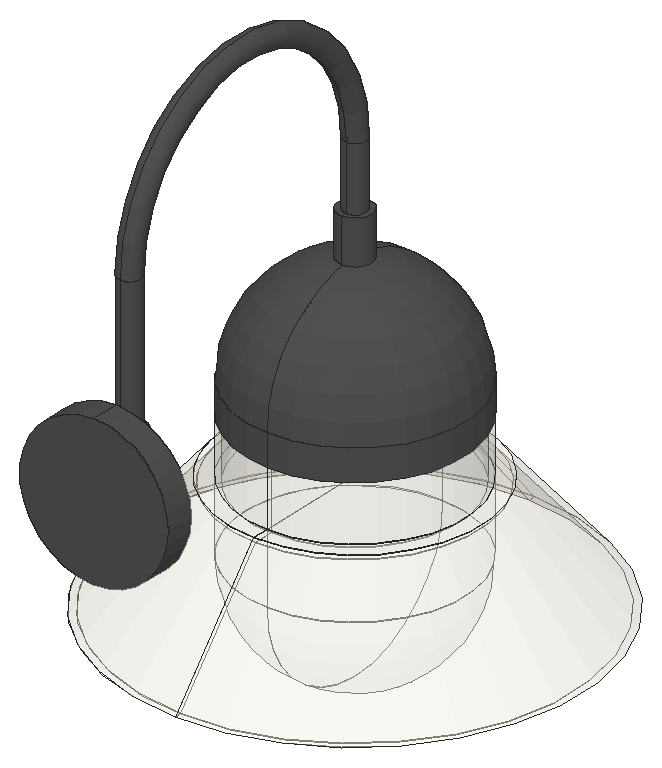
Revit family "M_Luminária de parede - Arandela", category Luminárias, Revit 2019
Family settings
  Hospedeiro = Parede
  Cota do conector redondo = Utilizar diâmetro
  Tipo de parte = Normal
  Número OmniClass = 23.80.70.11.11
  Título OmniClass = General Luminaries, Non Directional
  ID de item do Seek = Wall Lamp - Bracket-0000-CAN-ENU
  Sempre na vertical = Sim
  Corte com vazios quando carregada = Não
  Fonte luminosa = Sim
  Compartilhado = Não
  Ponto de cálculo do ambiente = Não
Parameters (values of type "150W - 277V")
  Wattage = 150 W
  built-in parameter 1150110 = 1 (stored number, unit not read)
  built-in parameter 1114217 = 1 (stored number, unit not read)
  built-in parameter 1150109 = 1 (stored number, unit not read)
  built-in parameter 1150134 = 4
  built-in parameter 1150113 = 1 (stored number, unit not read)
  built-in parameter 1150115 = 1 (stored number, unit not read)
  built-in parameter 1150105 = 221.19 (stored number, unit not read)
  Classificação de carga = Iluminação - Unidade de interrupção
  Light Source Symbol Size = 609.6 mm
  built-in parameter 1150137 = 1
  built-in parameter 1150139 = (empty or 0)
  built-in parameter 1150112 = 1 (stored number, unit not read)
  built-in parameter 1150114 = 1 (stored number, unit not read)
  Lâmpada = "A-21"
  built-in parameter 1150132 = (empty or 0)
  built-in parameter 1150102 = (empty or 0)
  built-in parameter 1150138 = (empty or 0)
  built-in parameter 1150107 = 2800 (stored number, unit not read)
  built-in parameter 1150106 = 2.2119 (stored number, unit not read)
  built-in parameter 1150104 = 1.7215 (stored number, unit not read)
  Dimming Lamp Color Temperature Shift = (empty or 0)
  Color Filter = 16777215
  built-in parameter 1140040 [instance] = 1
  Voltagem do transformador = 277 V
  Transformador por número de postes = 1
  built-in parameter 1114218 = 1 (stored number, unit not read)
  built-in parameter 1150133 = 10 (stored number, unit not read)
  Código de montagem = "D5020220"
  Material do bulbo = Vidro, Branco, Alta Luminosidade
  Lumens = 2779.5 lm
  Material de sombra = Vidro, Jateado
  Material montado na parede = Aço, Cromo polido
  Wattage Comments = ""
  Carga aparente = 150 VA
Types (4, lengths in mm): name | Wattage | built-in parameter 1150105 | Lâmpada | built-in parameter 1150106 | built-in parameter 1150104 | Voltagem do transformador | Lumens | Carga aparente
  100W - 120V | 100 W | 134.49 (stored number, unit not read) | "A-19" | 1.3449 (stored number, unit not read) | 1.5701 (stored number, unit not read) | 120 V | 1690 lm | 100 VA
  100W - 277V | 100 W | 134.49 (stored number, unit not read) | "A-19" | 1.3449 (stored number, unit not read) | 1.5701 (stored number, unit not read) | 277 V | 1690 lm | 100 VA
  150W - 120V | 150 W | 221.19 (stored number, unit not read) | "A-21" | 2.2119 (stored number, unit not read) | 1.7215 (stored number, unit not read) | 120 V | 2779.5 lm | 150 VA
  150W - 277V | 150 W | 221.19 (stored number, unit not read) | "A-21" | 2.2119 (stored number, unit not read) | 1.7215 (stored number, unit not read) | 277 V | 2779.5 lm | 150 VA
Reference planes
  plane 1: y = 0
  plane 2 "Eixo de origem da luz": y = 265.112
  plane 3 "Eixo de origem da luz": x = -36.356
  plane 4 "Elevação da origem da luz": z = 2133.6
  plane 5: y = 395.288
  plane 6: y = 134.938
  plane 7: z = 2501.9
  plane 8: y = 76.2
  plane 9: z = 2317.75
  plane 10: z = 2246.69
  plane 11: y = 101.64
  plane 12: z = 2169.524
  plane 13: z = 2197.1
  plane 14: z = 2234.395
  plane 15: z = 2237.57
  plane 16: z = 2269.827
  plane 17: z = 2351.551
  plane 18: z = 2376.625
  plane 19: z = 2413.764
  plane 20: y = 92.439
  plane 21: y = 101.64
  plane 22: z = 2307.108
Forms (mm)
  Sweep 1, solid, material "Aço, Cromo polido" <- "Material montado na parede"
    path origin (-36.356, 0, 0) x (0, -1, 0) y (0, 0, 1)
      loop
        line (-101.64, 2317.75) -> (-101.64, 2413.764)
        arc (-101.64, 2413.764) -> (-183.376, 2495.501) -> (-265.112, 2413.764) r 81.736
        line (-265.112, 2413.764) -> (-265.112, 2376.625)
    profile origin (-36.356, 183.376, 0) x (0, 0, -1) y (-1, 0, 0)
      loop
        circle (-2495.501, 0) r 6.35
  Revolve 2, solid, material "Aço, Cromo polido" <- "Material montado na parede"
    sketch origin (-36.356, 0, 0) x (0, -1, 0) y (0, 0, 1)
      loop
        line (-101.64, 2334.625) -> (-101.64, 2297.908)
        arc (-101.64, 2297.908) -> (-95.134, 2300.602) -> (-92.439, 2307.108) r 9.2
        line (-92.439, 2307.108) -> (-92.439, 2334.625) -> (-101.64, 2334.625)
      axis (-101.64, 2334.625) -> (-101.64, 2297.908)
    angle from 0 to 360
  Revolve 3, solid, material "Aço, Cromo polido" <- "Material montado na parede"
    sketch origin (-36.356, 0, 0) x (0, -1, 0) y (0, 0, 1)
      loop
        line (-255.587, 2376.625) -> (-265.112, 2376.625) -> (-265.112, 2351.551) -> (-255.587, 2351.551) -> (-255.587, 2376.625)
      axis (-265.112, 2351.551) -> (-265.112, 2376.625)
    angle from 0 to 360
  Revolve 4, solid, material "Aço, Cromo polido" <- "Material montado na parede"
    sketch origin (-36.356, 0, 0) x (0, -1, 0) y (0, 0, 1)
      loop
        arc (-201.612, 2287.782) -> (-220.211, 2332.683) -> (-265.112, 2351.282) r 63.5
        line (-265.112, 2351.282) -> (-265.112, 2269.827) -> (-201.612, 2269.827) -> (-201.612, 2287.782)
      axis (-265.112, 2269.827) -> (-265.112, 2351.282)
    angle from 0 to 360
  Revolve 5, solid, material "Vidro, Jateado" <- "Material de sombra"
    sketch origin (-36.356, 0, 0) x (0, -1, 0) y (0, 0, 1)
      loop
        line (-201.612, 2269.827) -> (-204.787, 2269.827) -> (-204.787, 2234.395) -> (-193.358, 2234.395) -> (-139.077, 2169.524) -> (-134.937, 2169.524) -> (-191.875, 2237.57) -> (-201.612, 2237.57) -> (-201.612, 2269.827)
      axis (-265.112, 2169.524) -> (-265.112, 2269.827)
    angle from 0 to 360
  Revolve 6, solid, material "Vidro, Branco, Alta Luminosidade" <- "Material do bulbo"
    sketch origin (-36.356, 0, 0) x (0, -1, 0) y (0, 0, 1)
      loop
        line (-201.612, 2237.57) -> (-265.112, 2237.57) -> (-265.112, 2133.6)
        arc (-265.112, 2133.6) -> (-220.211, 2152.199) -> (-201.612, 2197.1) r 63.5
        line (-201.612, 2197.1) -> (-201.612, 2237.57)
      axis (-265.112, 2133.6) -> (-265.112, 2237.57)
    angle from 0 to 360
  Extrusion 7, solid, material "Aço, Cromo polido" <- "Material montado na parede"
    sketch origin (0, 76.2, 0) x (0, 0, 1) y (-1, 0, 0)
      loop
        circle (2307.108, 36.356) r 43.012
    from 0 to -16.239
Cuts and joins
  joined: Sweep 1, Revolve 2
Lines and regions (mm)
  symbolic lines
    curve 1: arc (93.819, 265.112, 2169.524) -> (-36.356, 395.287, 2169.524) -> (-166.531, 265.112, 2169.524) r 130.175
    curve 2: arc (-166.531, 265.112, 2169.524) -> (-36.356, 134.937, 2169.524) -> (93.819, 265.112, 2169.524) r 130.175
    curve 3: line (-78.289, 76.2, 0) -> (-78.289, 92.439, 0)
    curve 4: line (6.656, 76.2, 0) -> (6.656, 92.439, 0)
    curve 5: line (6.656, 92.439, 0) -> (-78.289, 92.439, 0)
    curve 6: line (-35.816, 92.439, 0) -> (-35.816, 263.461, 0)
Text (mm)
  text "Lado da colocação" at (0, 1019.848, 3124.603), in view "Direita"
  text "Lado da colocação" at (-1163.331, 723.012, 0), in view "Nível de referência"
  text "Lado da colocação" at (0, 1447.967, 2908.468), in view "Esquerda"
Dimensions and locks
  plane 5 to plane 6 to plane 8 = 260.35 mm locked, 58.737 mm locked
  equal spacing: plane 5, plane 2 "Eixo de origem da luz", plane 6
  equal spacing: plane 4 "Elevação da origem da luz", plane 9, plane 7, locked at 184.15 each
  plane 4 "Elevação da origem da luz" to plane 7 = 368.3 mm
  plane 6 to plane 5 = 260.35 mm
  host wall to plane 5 = 319.088 mm
  locked: plane 12 to plane 14 at 64.871
  locked: plane 12 to plane 4 "Elevação da origem da luz" at 35.924
  locked: plane 12 to plane 15 at 68.046
  locked: plane 4 "Elevação da origem da luz" to plane 13 at 63.5
  locked: plane 15 to plane 16 at 32.257
  locked: Revolve 5 sketch curve to Revolve 5 sketch curve at 3.175
  locked: plane 16 to plane 17 at 81.724
  locked: Revolve 3 sketch curve to Revolve 3 sketch curve at 25.074
  locked: plane 17 to plane 18 at 25.074
  locked: plane 18 to plane 19 at 37.139
  locked: plane 8 to plane 20 at 16.239
  locked: plane 20 to plane 21 at 9.2
  locked: plane 4 "Elevação da origem da luz" to plane 22 at 173.508
  aligned and locked: plane 8 to host wall
  aligned and locked: Sweep 1 sketch curve to plane 9
  aligned and locked: Revolve 5 sketch curve to plane 12
  aligned and locked: Revolve 6 sketch curve to plane 15
  aligned and locked: plane 13 to Revolve 6 sketch curve
  aligned and locked: Revolve 5 sketch curve to plane 16
  aligned and locked: plane 15 to Revolve 5 sketch curve
  aligned and locked: Revolve 4 sketch curve to plane 16
  aligned and locked: plane 17 to Revolve 3 sketch curve
  aligned and locked: Sweep 1 sketch curve to plane 18
  aligned and locked: plane 19 to Sweep 1 sketch curve  (x2)
  aligned and locked: Extrusion 7 sketch curve to plane 22
  aligned and locked: Revolve 2 sketch curve to plane 22
  aligned and locked: plane 20 to Revolve 2 sketch curve
  aligned and locked: plane 21 to Revolve 2 sketch curve
  aligned and locked: Revolve 2 sketch curve to plane 21
  aligned and locked: plane 3 "Eixo de origem da luz" to imposter light
  aligned and locked: plane 2 "Eixo de origem da luz" to imposter light
  aligned and locked: plane 12 to imposter light
Automatic sketch dimensions
  Sweep 1 sketch curve to plane 3 "Eixo de origem da luz" = 0 mm
  Sweep 1 sketch curve to profile plane = 0 mm
  profile plane to Sweep 1 sketch curve = 6.35 mm
  Sweep 1 sketch curve to plane 2 "Eixo de origem da luz" = 0 mm
  Sweep 1 sketch curve to plane 6 = 33.298 mm
  Revolve 3 sketch curve to plane 2 "Eixo de origem da luz" = 0 mm  (x2)
  Revolve 3 sketch curve to Revolve 3 sketch curve = 9.525 mm
  Revolve 3 sketch curve to level = 914.4 mm
  Revolve 3 sketch curve to plane 7 = 159.154 mm
  Revolve 4 sketch curve to plane 2 "Eixo de origem da luz" = 0 mm  (x2)
  Revolve 4 sketch curve to Revolve 4 sketch curve = 63.5 mm
  Revolve 4 sketch curve to Revolve 4 sketch curve = 17.955 mm
  Revolve 4 sketch curve to level = 914.4 mm
  Revolve 4 sketch curve to plane 7 = 159.154 mm
  Revolve 5 sketch curve to plane 2 "Eixo de origem da luz" = 0 mm
  Revolve 5 sketch curve to plane 6 = 0 mm
  plane 2 "Eixo de origem da luz" to Revolve 5 sketch curve = 60.325 mm
  Revolve 5 sketch curve to Revolve 5 sketch curve = 3.175 mm
  Revolve 5 sketch curve to Revolve 5 sketch curve = 8.254 mm
  Revolve 5 sketch curve to Revolve 5 sketch curve = 1.483 mm
  Revolve 5 sketch curve to Revolve 5 sketch curve = 4.14 mm
  Revolve 5 sketch curve to level = 914.4 mm
  Revolve 5 sketch curve to plane 7 = 159.154 mm
  Revolve 6 sketch curve to plane 2 "Eixo de origem da luz" = 0 mm  (x2)
  Revolve 6 sketch curve to Revolve 6 sketch curve = 63.5 mm
  Revolve 6 sketch curve to level = 914.4 mm
  Revolve 6 sketch curve to plane 7 = 159.154 mm
  Extrusion 7 sketch curve to plane 3 "Eixo de origem da luz" = 0 mm
  plane 16 to Extrusion 7 sketch curve = 5.731 mm
  plane 4 "Elevação da origem da luz" to Revolve 2 sketch curve = 55.093 mm
  Revolve 2 sketch curve to plane 9 = 16.875 mm
  plane 7 to Revolve 2 sketch curve = 29.153 mm
  curve 1 to plane 2 "Eixo de origem da luz" = 0 mm
  curve 5 to plane 20 = 0 mm
  curve 3 to host wall = 0 mm
  curve 2 to plane 3 "Eixo de origem da luz" = 0 mm
  curve 4 to host wall = 0 mm
  plane 3 "Eixo de origem da luz" to curve 3 = 41.933 mm
  curve 6 to plane 3 "Eixo de origem da luz" = 0.539 mm
  curve 6 to curve 5 = 42.472 mm
  plane 2 "Eixo de origem da luz" to curve 6 = 1.651 mm
  plane 3 "Eixo de origem da luz" to curve 2 = 130.175 mm
Connectors
  electrical at (-36.356, 265.112, 2169.524), driven by "Carga aparente", driven by "Voltagem do transformador", driven by "Transformador por número de postes", driven by "Classificação de carga"
    settings: on Revolve 5, index 1, voltage 277 V, apparent load 0 VA, apparent load phase1 150 VA, apparent load phase2 0 VA, apparent load phase3 0 VA, power factor 0.95, load classification "Iluminação - Unidade de interrupção", number of poles 1, system type 31, power factor state 1, is connector primary yes, connector utility no, sub classification motor no, connector description ""
